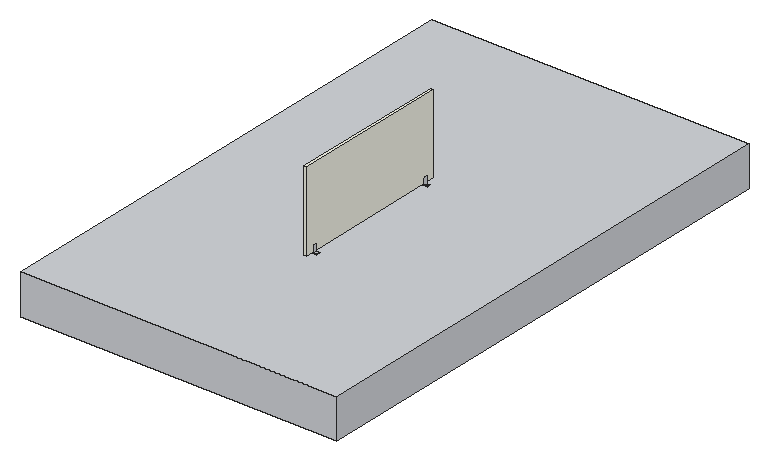
Revit family
Parameters (values of type "48" Urinal Screen")
  Wall Gap = 0' - 0 1/2"
  URL = "www.bobrick.com"
  Type Comments = "SierraSeries Water and Fire Resistant Solid Color Reinforced Composite Toilet Partitions and Urinal Screens"
  Product Page URL = ""
  Partition Material = GraffitiOff Surface - Bobrick
  Panel Thickness = 0' - 0 3/4"
  Panel Height = 4' - 0"
  Panel Depth = 2' - 0"
  Model = "1090 Series"
  Manufacturer = "Bobrick Washroom Equipment, Inc."
  Floor Offset = Default Elevation  # 1' - 0"
  Finish Material = Stainless Steel - Bobrick - Satin
  Description = "Wall Hung Urinal Screen"
  Default Elevation = 1' - 0"
  Ceiling Height = 5' - 7"
  Bracket Spacing = 3' - 6"
  Bracket Height = 0' - 3"
  Assembly Code = "C1030210"
  Floor to Ceiling Post = no
Types (4): name | Panel Height | Floor Offset | Description | Default Elevation | Ceiling Height | Bracket Spacing | Bracket Height | Floor to Ceiling Post
  (no name) | 4' - 0" | 1' - 0" | "Wall Hung Urinal Screen" | 1' - 0" | 5' - 7" | 3' - 6" | 0' - 3" | no
  42" Urinal Screen | 3' - 6" | 1' - 6" | "Wall Hung Urinal Screen" | 1' - 6" | 10' - 0" | 3' - 0" | 0' - 3" | no
  48" Urinal Screen | 4' - 0" | 1' - 0" | "Wall Hung Urinal Screen" | 1' - 0" | 5' - 7" | 3' - 6" | 0' - 3" | no
  Urinal Screen B-1093 | 4' - 10" | 1' - 0" | "Post to Ceiling Screen" | 1' - 0" | 8' - 0" | 3' - 10" | 0' - 6" | yes
Reference planes (in)
  plane 1 "Center (Front/Back)": y = 0
  plane 2: z = 0
  plane 3 "Center (Left/Right)": x = 0
  plane 4: y = 48
  plane 5: x = -0.375
  plane 6: x = 0.375
  plane 7: z = 24.5
  plane 8: z = 0.5
  plane 9: y = 3
  plane 10: y = 45
  plane 11: y = 55
  plane 12: y = -12
  plane 13 "Post": z = 25
  plane 14: z = 26.25
  plane 15: x = -0.625
  plane 16: x = 0.625
  plane 17: y = 24
Forms (in)
  Extrusion 1, solid
    sketch origin (0, 0, 0) x (1, 0, 0) y (0, 1, 0)
      loop
        line (-48, 108) -> (-48, -48) -> (48, -48) -> (48, 108) -> (-48, 108)
    from 0 to -12
  Extrusion 2, solid, material "GraffitiOff Surface - Bobrick" <- "Partition Material"
    sketch origin (0, 0, 0) x (1, 0, 0) y (0, 1, 0)
      loop
        line (0.375, 0) -> (0.375, 48) -> (-0.375, 48) -> (-0.375, 0) -> (0.375, 0)
    from 0.5 to 24.5
  Extrusion 3, solid, material "Stainless Steel - Bobrick - Satin" <- "Finish Material", visible <- "Floor to Ceiling Post"
    sketch origin (0, 0, 0) x (1, 0, 0) y (0, 0, 1)
      loop
        line (-0.625, 26.25) -> (-0.625, 25) -> (0.625, 25) -> (0.625, 26.25) -> (-0.625, 26.25)
    from -55 to 12
Lines and regions (in)
  Masking region 1
    outline origin (0, 0, 0) x (0, 1, 0) y (0, 0, 1)
      loop
        line (48, 0.5) -> (48, 24.5) -> (0, 24.5) -> (0, 0.5) -> (2.5, 0.5) -> (2.5, 0) -> (3.5, 0) -> (3.5, 0.5) -> (44.5, 0.5) -> (44.5, 0) -> (45.5, 0) -> (45.5, 0.5) -> (48, 0.5)
  Masking region 2
    outline origin (0, 0, 0) x (1, 0, 0) y (0, 0, 1)
      loop
        line (0.375, 2.25) -> (0.375, 24.5) -> (-0.375, 24.5) -> (-0.375, 2.25) -> (-0.5, 2.25) -> (-0.5, 0.125) -> (-1.5, 0.125) -> (-1.5, 0) -> (1.5, 0) -> (1.5, 0.125) -> (0.5, 0.125) -> (0.5, 2.25) -> (0.375, 2.25)
  Masking region 3
    outline origin (0, 0, 0) x (1, 0, 0) y (0, 1, 0)
      loop
        line (0.375, 48) -> (-0.375, 48) -> (-0.375, 45.5) -> (-1.5, 45.5) -> (-1.5, 44.5) -> (-0.375, 44.5) -> (-0.375, 3.5) -> (-1.5, 3.5) -> (-1.5, 2.5) -> (-0.375, 2.5) -> (-0.375, 0) -> (0.375, 0) -> (0.375, 2.5) -> (1.5, 2.5) -> (1.5, 3.5) -> (0.375, 3.5) -> (0.375, 44.5) -> (1.5, 44.5) -> (1.5, 45.5) -> (0.375, 45.5) -> (0.375, 48)
  Masking region 4, visible <- "Floor to Ceiling Post"
    outline origin (0, 0, 0) x (1, 0, 0) y (0, 0, 1)
      loop
        line (-0.375, 22.75) -> (-0.375, 24.875) -> (0.375, 24.875) -> (0.375, 22.75) -> (0.625, 22.75) -> (0.625, 26.25) -> (-0.625, 26.25) -> (-0.625, 22.75) -> (-0.375, 22.75)
  Masking region 5, visible <- "Floor to Ceiling Post"
    outline origin (0, 0, 0) x (0, 1, 0) y (0, 0, 1)
      loop
        line (55, 26.25) -> (-12, 26.25) -> (-12, 25) -> (2.5, 25) -> (2.5, 22.75) -> (3.5, 22.75) -> (3.5, 25) -> (23.5, 25) -> (23.5, 22.75) -> (24.5, 22.75) -> (24.5, 25) -> (44.5, 25) -> (44.5, 22.75) -> (45.5, 22.75) -> (45.5, 25) -> (55, 25) -> (55, 26.25)
  symbolic lines, style "Urinal Screens"
    curve 1: line (0, 3.5, 0.5) -> (0, 3.5, 2.25)
    curve 2: line (0, 3.5, 2.25) -> (0, 2.5, 2.25)
    curve 3: line (0, 2.5, 2.25) -> (0, 2.5, 0.5)
    curve 4: line (0, 3.5, 0.125) -> (0, 2.5, 0.125)
    curve 5: line (0, 45.5, 0.5) -> (0, 45.5, 2.25)
    curve 6: line (0, 45.5, 2.25) -> (0, 44.5, 2.25)
    curve 7: line (0, 44.5, 2.25) -> (0, 44.5, 0.5)
    curve 8: line (0, 45.5, 0.125) -> (0, 44.5, 0.125)
    curve 9: line (0.375, 0, 2.25) -> (0.375, 0, 0.125)
    curve 10: line (0.375, 0, 0.125) -> (-0.375, 0, 0.125)
    curve 11: line (-0.375, 0, 0.125) -> (-0.375, 0, 2.25)
    curve 12: line (0.375, 0, 0.5) -> (-0.375, 0, 0.5)
    curve 13: line (0.5, 3.5, 0) -> (0.5, 2.5, 0)
    curve 14: line (-0.5, 3.5, 0) -> (-0.5, 2.5, 0)
    curve 15: line (-0.375, 3.5, 0) -> (-0.375, 2.5, 0)
    curve 16: line (0.375, 3.5, 0) -> (0.375, 2.5, 0)
    curve 17: line (-0.375, 45.5, 0) -> (-0.375, 44.5, 0)
    curve 18: line (-0.5, 45.5, 0) -> (-0.5, 44.5, 0)
    curve 19: line (0.375, 45.5, 0) -> (0.375, 44.5, 0)
    curve 20: line (0.5, 45.5, 0) -> (0.5, 44.5, 0)
  symbolic lines, style "Urinal Screens", visible <- "Floor to Ceiling Post"
    curve 21: line (0, 45.5, 25) -> (0, 44.5, 25)
    curve 22: line (0, 24.5, 25) -> (0, 23.5, 25)
    curve 23: line (0, 3.5, 25) -> (0, 2.5, 25)
    curve 24: line (-0.625, 0, 25) -> (0.625, 0, 25)
Dimensions and locks (in)
  equal spacing: plane 5, plane 3 "Center (Left/Right)", plane 6
  "Panel Thickness": plane 5 to plane 6
  "Panel Height": plane 1 "Center (Front/Back)" to plane 4
  "Wall Gap": plane 8 to level
  "Panel Depth": plane 7 to plane 8
  "Bracket Height": plane 1 "Center (Front/Back)" to plane 9
  "Bracket Spacing": plane 10 to plane 9
  "Floor Offset": plane 12 to plane 1 "Center (Front/Back)"
  "Ceiling Height": plane 11 to plane 12
  "Wall Gap": plane 13 "Post" to plane 7
  locked: plane 14 to plane 13 "Post" at 1.25
  plane 15 to plane 3 "Center (Left/Right)" to plane 16 = 0' - 0 5/8" locked, 0' - 0 5/8" locked
  equal spacing: plane 10, plane 17, plane 9
  aligned and locked: plane 2 to Extrusion 1
  aligned and locked: level to Extrusion 1
  aligned and locked: Extrusion 2 sketch curve to plane 1 "Center (Front/Back)"
  aligned and locked: plane 6 to Extrusion 2 sketch curve
  aligned and locked: Extrusion 2 sketch curve to plane 4
  aligned and locked: plane 5 to Extrusion 2 sketch curve
  aligned and locked: plane 7 to Extrusion 2
  aligned and locked: Extrusion 2 to plane 8
  aligned and locked: nested 1 to level
  aligned and locked: plane 3 "Center (Left/Right)" to nested 1
  aligned and locked: nested 1 to plane 9
  aligned and locked: nested 2 to level
  aligned and locked: nested 2 to plane 10
  aligned and locked: Masking region 1 sketch curve to Extrusion 2  (x4)
  aligned and locked: nested 1 to Masking region 1 sketch curve
  aligned and locked: Masking region 1 sketch curve to nested 1  (x2)
  aligned and locked: Masking region 1 sketch curve to nested 2  (x2)
  aligned and locked: nested 2 to Masking region 1 sketch curve
  aligned and locked: Extrusion 2 to Masking region 2 sketch curve
  aligned and locked: Masking region 2 sketch curve to Extrusion 2
  aligned and locked: Extrusion 1 to Masking region 2 sketch curve
  aligned and locked: Masking region 2 sketch curve to nested 2  (x7)
  aligned and locked: Masking region 3 sketch curve to Extrusion 2  (x4)
  aligned and locked: Masking region 3 sketch curve to nested 1  (x4)
  aligned and locked: Masking region 3 sketch curve to nested 2  (x4)
  aligned and locked: Extrusion 3 sketch curve to plane 14
  aligned and locked: Extrusion 3 sketch curve to plane 15
  aligned and locked: plane 13 "Post" to Extrusion 3 sketch curve
  aligned and locked: Extrusion 3 sketch curve to plane 16
  aligned and locked: plane 11 to Extrusion 3
  aligned and locked: Extrusion 3 to plane 12
  aligned and locked: plane 13 "Post" to nested 3
  aligned and locked: plane 3 "Center (Left/Right)" to nested 3
  aligned and locked: nested 3 to plane 10
  aligned and locked: nested 5 to plane 9
  aligned and locked: plane 17 to nested 4
  aligned and locked: plane 7 to Masking region 2 sketch curve
  aligned and locked: Masking region 4 sketch curve to plane 14
  aligned and locked: Masking region 4 sketch curve to plane 16
  aligned and locked: Masking region 4 sketch curve to plane 15
  aligned and locked: Masking region 4 sketch curve to plane 5
  aligned and locked: Masking region 4 sketch curve to plane 6
  aligned and locked: Masking region 4 sketch curve to nested 5  (x3)
  aligned and locked: plane 14 to Masking region 5 sketch curve
  aligned and locked: Masking region 5 sketch curve to plane 12
  aligned and locked: Masking region 5 sketch curve to plane 13 "Post"  (x4)
  aligned and locked: nested 5 to Masking region 5 sketch curve
  aligned and locked: Masking region 5 sketch curve to nested 5  (x2)
  aligned and locked: nested 4 to Masking region 5 sketch curve
  aligned and locked: Masking region 5 sketch curve to nested 4  (x2)
  aligned and locked: plane 11 to Masking region 5 sketch curve
  aligned and locked: Masking region 5 sketch curve to nested 3
  aligned and locked: nested 3 to Masking region 5 sketch curve
  aligned and locked: Masking region 5 to nested 3
  aligned and locked: plane 13 "Post" to nested 5
  aligned and locked: plane 13 "Post" to nested 4
Automatic sketch dimensions
  Extrusion 1 sketch curve to Extrusion 1 sketch curve = 8' - 0"
  Extrusion 1 sketch curve to Extrusion 1 sketch curve = 13' - 0"
  plane 10 to Masking region 3 sketch curve = 0' - 0 1/2"
  Masking region 3 sketch curve to plane 5 = 0' - 0"  (x2)
  Masking region 3 sketch curve to plane 6 = 0' - 0"  (x2)
  Masking region 3 sketch curve to plane 10 = 0' - 0 1/2"
  plane 9 to Masking region 3 sketch curve = 0' - 0 1/2"
  Masking region 3 sketch curve to plane 9 = 0' - 0 1/2"
  curve 15 to plane 5 = 0' - 0"
  curve 17 to plane 5 = 0' - 0"
  curve 19 to plane 6 = 0' - 0"
  curve 16 to plane 6 = 0' - 0"
  curve 18 to curve 17 = 0' - 0 1/8"
  curve 14 to plane 5 = 0' - 0 1/8"
  curve 13 to plane 6 = 0' - 0 1/8"
  curve 20 to plane 6 = 0' - 0 1/8"
  curve 13 to plane 9 = 0' - 0 1/2"
  curve 15 to plane 9 = 0' - 0 1/2"
  curve 14 to curve 15 = 0' - 0"  (x2)
  curve 16 to curve 13 = 0' - 0"  (x2)
  plane 9 to curve 15 = 0' - 0 1/2"
  plane 9 to curve 16 = 0' - 0 1/2"
  curve 20 to plane 10 = 0' - 0 1/2"
  curve 17 to plane 10 = 0' - 0 1/2"
  curve 19 to curve 20 = 0' - 0"  (x2)
  curve 18 to curve 17 = 0' - 0"  (x2)
  plane 10 to curve 18 = 0' - 0 1/2"
  plane 10 to curve 20 = 0' - 0 1/2"
  level to Masking region 2 sketch curve = 0' - 0 1/8"
  curve 3 to plane 8 = 0' - 0"
  curve 23 to plane 13 "Post" = 0' - 0"
  curve 1 to plane 8 = 0' - 0"
  curve 22 to plane 13 "Post" = 0' - 0"
  curve 7 to plane 8 = 0' - 0"
  curve 21 to plane 13 "Post" = 0' - 0"
  curve 5 to plane 8 = 0' - 0"
  curve 2 to plane 9 = 0' - 0 1/2"
  level to curve 4 = 0' - 0 1/8"
  curve 4 to curve 3 = 0' - 0"
  curve 23 to plane 9 = 0' - 0 1/2"
  plane 9 to curve 1 = 0' - 0 1/2"
  curve 4 to curve 1 = 0' - 0"
  plane 9 to curve 23 = 0' - 0 1/2"
  plane 17 to curve 22 = 0' - 0 1/2"
  curve 22 to plane 17 = 0' - 0 1/2"
  level to curve 8 = 0' - 0 1/8"
  curve 8 to plane 10 = 0' - 0 1/2"
  curve 7 to plane 10 = 0' - 0 1/2"
  curve 21 to plane 10 = 0' - 0 1/2"
  plane 10 to curve 21 = 0' - 0 1/2"
  plane 10 to curve 8 = 0' - 0 1/2"
  plane 10 to curve 6 = 0' - 0 1/2"
  curve 3 to curve 2 = 0' - 1 3/4"
  plane 8 to curve 5 = 0' - 1 3/4"
  curve 24 to plane 13 "Post" = 0' - 0"
  plane 15 to curve 24 = 0' - 0"
  curve 12 to plane 5 = 0' - 0"
  plane 6 to curve 12 = 0' - 0"
  curve 24 to plane 16 = 0' - 0"
  curve 12 to plane 8 = 0' - 0"
  level to curve 11 = 0' - 0 1/8"
  plane 8 to curve 11 = 0' - 1 3/4"
  curve 9 to curve 11 = 0' - 0"
  Masking region 1 sketch curve to plane 8 = 0' - 0"  (x2)
  Masking region 5 sketch curve to plane 7 = 0' - 1 3/4"
Nested families (in)
  nested 1: "Wall_Hung_Bracket-Bobrick" at (0, 2.5, 0), type "1 Inch Panel"
  nested 2: "Wall_Hung_Bracket-Bobrick" at (0, 44.5, 0), type "1 Inch Panel"
  nested 3: "Panel_to_Post_Bracket-Bobrick" at (0, 44.5, 25), visible <- "Floor to Ceiling Post", type "1 Inch Panel"
  nested 4: "Panel_to_Post_Bracket-Bobrick" at (0, 23.5, 25), visible <- "Floor to Ceiling Post", type "1 Inch Panel"
  nested 5: "Panel_to_Post_Bracket-Bobrick" at (0, 2.5, 25), visible <- "Floor to Ceiling Post", type "1 Inch Panel"
Definition of nested family "Wall_Hung_Bracket-Bobrick"
  Parameters (values of type "1 Inch Panel")
    Panel Thickness = 0' - 1"
  Types (3): name | Panel Thickness
    (no name) | 0' - 1"
    1 Inch Panel | 0' - 1"
    3/4 Inch Panel | 0' - 0 3/4"
  Reference planes (in)
    plane 1 "Center (Front/Back)": y = 0
    plane 2: z = 0
    plane 3 "Center (Left/Right)": x = 0
    plane 4: y = 1
    plane 5: x = 1.5
    plane 6: x = -1.5
    plane 7: x = -0.5
    plane 8: x = 0.5
    plane 9: x = -0.625
    plane 10: x = 0.625
    plane 11: z = 0.125
    plane 12: z = 2.25
    plane 13: y = 0.5
  Forms (in)
    Extrusion 1, solid, material "Stainless Steel - Bobrick - Satin"
      sketch origin (0, 0, 0) x (1, 0, 0) y (0, 1, 0)
        loop
          line (-1.5, 1) -> (-1.5, 0) -> (1.5, 0) -> (1.5, 1) -> (-1.5, 1)
      from 0 to 0.125
    Extrusion 2, solid, material "Stainless Steel - Bobrick - Satin"
      sketch origin (0, 0, 0) x (1, 0, 0) y (0, 1, 0)
        loop
          line (-0.625, 1) -> (-0.625, 0) -> (-0.5, 0) -> (-0.5, 1) -> (-0.625, 1)
      from 0.125 to 2.25
    Extrusion 3, solid, material "Stainless Steel - Bobrick - Satin"
      sketch origin (0, 0, 0) x (1, 0, 0) y (0, 1, 0)
        loop
          line (0.5, 1) -> (0.5, 0) -> (0.625, 0) -> (0.625, 1) -> (0.5, 1)
      from 0.125 to 2.25
  Cuts and joins
    joined: Extrusion 1, Extrusion 2, Extrusion 3
  Dimensions and locks (in)
    equal spacing: plane 6, plane 3 "Center (Left/Right)", plane 5
    plane 6 to plane 5 = 0' - 3"
    plane 1 "Center (Front/Back)" to plane 4 = 0' - 1"
    equal spacing: plane 7, plane 3 "Center (Left/Right)", plane 8
    "Panel Thickness": plane 7 to plane 8
    locked: plane 9 to plane 7 at 0.125
    locked: plane 8 to plane 10 at 0.125
    locked: plane 11 to level at 0.125
    locked: plane 12 to level at 2.25
    plane 4 to plane 13 to plane 1 "Center (Front/Back)" = 0' - 0 1/2" locked, 0' - 0 1/2" locked
    aligned and locked: plane 2 to level
    aligned and locked: Extrusion 1 sketch curve to plane 4
    aligned and locked: Extrusion 1 sketch curve to plane 6
    aligned and locked: Extrusion 1 sketch curve to plane 1 "Center (Front/Back)"
    aligned and locked: Extrusion 1 sketch curve to plane 5
    aligned and locked: Extrusion 1 to level
    aligned and locked: plane 11 to Extrusion 1
    aligned and locked: Extrusion 2 sketch curve to plane 4
    aligned and locked: plane 9 to Extrusion 2 sketch curve
    aligned and locked: Extrusion 2 sketch curve to plane 1 "Center (Front/Back)"
    aligned and locked: Extrusion 2 sketch curve to plane 7
    aligned and locked: Extrusion 2 to plane 11
    aligned and locked: plane 12 to Extrusion 2
    aligned and locked: plane 10 to Extrusion 3 sketch curve
    aligned and locked: Extrusion 3 sketch curve to plane 8
    aligned and locked: Extrusion 3 sketch curve to plane 4
    aligned and locked: Extrusion 3 sketch curve to plane 1 "Center (Front/Back)"
    aligned and locked: plane 12 to Extrusion 3
    aligned and locked: Extrusion 3 to plane 11
Definition of nested family "Panel_to_Post_Bracket-Bobrick"
  Parameters (values of type "1 Inch Panel")
    Panel Thickness = 0' - 1"
    Assembly Code = ""
  Reference planes (in)
    plane 1 "Center (Front/Back)": y = 0
    plane 2: z = 0
    plane 3 "Center (Left/Right)": x = 0
    plane 4: y = 1
    plane 5: x = -0.5
    plane 6: x = 0.5
    plane 7: x = -0.625
    plane 8: x = 0.625
    plane 9: z = -0.125
    plane 10: z = -2.25
    plane 11: y = 0.5
  Forms (in)
    Extrusion 1, solid, material "Stainless Steel - Bobrick - Satin"
      sketch origin (0, 0, 0) x (1, 0, 0) y (0, 1, 0)
        loop
          line (-0.625, 1) -> (-0.625, 0) -> (0.625, 0) -> (0.625, 1) -> (-0.625, 1)
      from 0 to -0.125
    Extrusion 2, solid, material "Stainless Steel - Bobrick - Satin"
      sketch origin (0, 0, 0) x (1, 0, 0) y (0, 1, 0)
        loop
          line (-0.625, 1) -> (-0.625, 0) -> (-0.5, 0) -> (-0.5, 1) -> (-0.625, 1)
      from -0.125 to -2.25
    Extrusion 3, solid, material "Stainless Steel - Bobrick - Satin"
      sketch origin (0, 0, 0) x (1, 0, 0) y (0, 1, 0)
        loop
          line (0.5, 1) -> (0.5, 0) -> (0.625, 0) -> (0.625, 1) -> (0.5, 1)
      from -0.125 to -2.25
  Cuts and joins
    joined: Extrusion 1, Extrusion 2, Extrusion 3
  Dimensions and locks (in)
    plane 1 "Center (Front/Back)" to plane 4 = 0' - 1"
    equal spacing: plane 5, plane 3 "Center (Left/Right)", plane 6
    "Panel Thickness": plane 5 to plane 6
    locked: plane 7 to plane 5 at 0.125
    locked: plane 6 to plane 8 at 0.125
    locked: level to plane 9 at 0.125
    locked: level to plane 10 at 2.25
    plane 4 to plane 11 to plane 1 "Center (Front/Back)" = 0' - 0 1/2" locked, 0' - 0 1/2" locked
    aligned and locked: plane 2 to level
    aligned and locked: Extrusion 1 sketch curve to plane 4
    aligned and locked: Extrusion 1 sketch curve to plane 1 "Center (Front/Back)"
    aligned and locked: Extrusion 1 to level
    aligned and locked: plane 9 to Extrusion 1
    aligned and locked: Extrusion 2 sketch curve to plane 4
    aligned and locked: plane 7 to Extrusion 2 sketch curve
    aligned and locked: Extrusion 2 sketch curve to plane 1 "Center (Front/Back)"
    aligned and locked: Extrusion 2 sketch curve to plane 5
    aligned and locked: Extrusion 2 to plane 9
    aligned and locked: plane 10 to Extrusion 2
    aligned and locked: plane 8 to Extrusion 3 sketch curve
    aligned and locked: Extrusion 3 sketch curve to plane 6
    aligned and locked: Extrusion 3 sketch curve to plane 4
    aligned and locked: Extrusion 3 sketch curve to plane 1 "Center (Front/Back)"
    aligned and locked: plane 10 to Extrusion 3
    aligned and locked: Extrusion 3 to plane 9
    aligned and locked: Extrusion 1 to plane 7
    aligned and locked: Extrusion 1 to plane 8
  Automatic sketch dimensions
    Extrusion 1 sketch curve to plane 8 = 0' - 0"
    Extrusion 1 sketch curve to plane 7 = 0' - 0"
